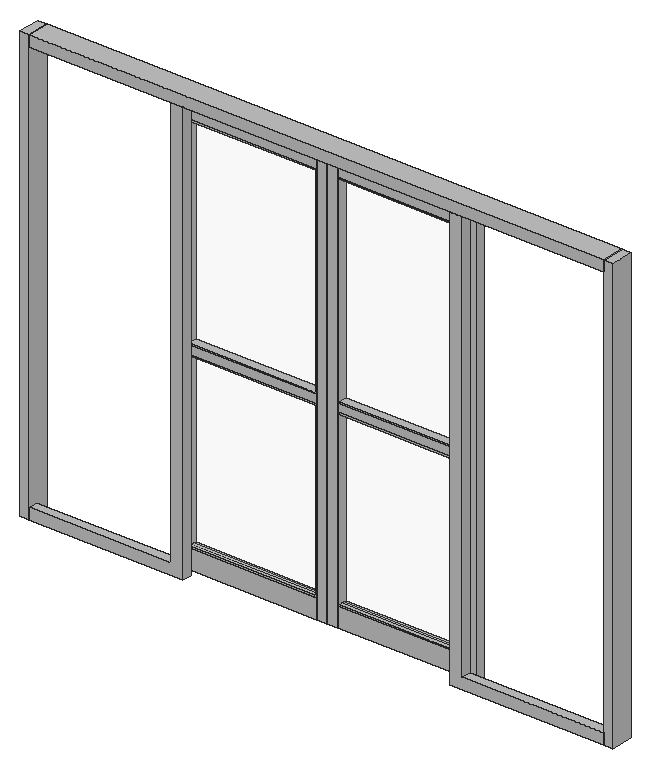
Revit family "Door_Sliding_BiPart_Tormax_TX9600-ICU-Surface", category Doors, host Wall, Revit 2026
Family settings
  Host = Wall
  Classification Number = 23.30.10.17.11
  Always vertical = Yes
  Cut with Voids When Loaded = No
  Shared = No
  Room Calculation Point = No
Parameters (values of type "10ft")
  Water Penetration = "as Specified"
  Warranty Duration (Years) = 0
  Visual Light Transmittance = VLT  # 0
  VLT = 0
  URL = "http://www.tormaxusa.com"
  U = 0.1000 BTU/(h·ft²·°F)
  Transom Height [instance] = 0' - 0"  # constant formula
  Thickness = Panel Thickness  # 0' - 1 3/4"
  Thermal Resistance (R) = R  # 0.0000 (h·ft²·°F)/BTU
  Test Data = ""
  Structural Test Pressure = "as Specified"
  Standards Conformance = "as Specified"
  Specification = "http://www.arcat.com/sdspecs/htm/08463tor.htm"
  SpecWizard = ""
  Solar Heat Gain Coefficient = SHGC  # 0
  Smoke Rated = no
  Sensor Color [instance] = Metal - Tormax - Black
  Send Message = "http://www.arcat.com/users.pl?action=UserEmail&company=Tormax+Technologies,+Inc.&coid=43969&rep=108&fax=210-494-5930&mf="
  Sales Information = "http://www.tormaxusa.com/contact.php"
  SHGC = 0
  RO Spacing_Sides = 0' - 0"
  Rough Width [instance] = Width + (RO Spacing_Sides * 2)  # 10' - 0"
  Rough Height [instance] = Height + (RO Spacing_Top)  # 7' - 4 1/4"
  R = 0.0000 (h·ft²·°F)/BTU
  Product Page URL = ""
  Panel A Width = 2' - 6 3/8"
  Overall Height [instance] = if(Include Transom, Height + Transom Height, Height)  # 7' - 4"
  Operating Temperature Range = "as Specified"
  RO Spacing_Top = 0' - 0 1/4"
  Product Properties = ""
  Product Data = "http://www.arcat.com/arcatcos/cos43/arc43969.html"
  Panel Thickness = 0' - 1 3/4"  # constant formula
  Offset from Exterior Wall [instance] = if(Backset from Offset Plane > Offset Plane from Exterior Wall Face, 0' 0", abs(Offset Plane from Exterior Wall Face - Backset from Offset Plane))  # 0' - 0"
  Model = "TX9600 BiPart Surface"
  Miami Dade Conformance = "as Specified"
  Maximum Size = "Width and Height as Specified"
  Manufacturer Website = "http://www.tormaxusa.com"
  Manufacturer Phone - Toll Free = "888-685-3707"
  Manufacturer Phone = "210-494-3551"
  Manufacturer Fax = "210-494-5930"
  Manufacturer Address = "12859 Wetmore Rd. San Antonio, TX 78247"
  Manufacturer = "TORMAX USA Inc."  # constant formula
  Maintenance Schedule (Months) = 0
  Keynote = "08463"
  Installation-Fabrication = ""
  Installation Phase = ""
  Inset from Exterior Wall [instance] = if(Backset from Offset Plane > Offset Plane from Exterior Wall Face, abs(Offset Plane from Exterior Wall Face - Backset from Offset Plane), 0' 0")  # 0' - 0"
  Include Transom = 1 = 0  # no
  Height [instance] = 7' - 4"
  Heat Transfer Coefficient (U) = U  # 0.1000 BTU/(h·ft²·°F)
  Green Building-LEED = "http://www.arcat.com/green/clients/leed_data_43969.html"
  Glazing Tint [instance] = Glass - Tormax - Glazing as Specified
  Glazing Thickness_Sliding Panel [instance] = 0' - 0 1/2"
  Glazing Stop Width = 0' - 0 1/4"
  Function = Exterior
  Frame Thickness = 0' - 4 1/2"
  Frame Finish [instance] = Metal - Tormax - Aluminum Finished as Specified
  Fire Rating = "as Specified"
  Expected Lifespan (Years) = 0
  Drawn By = "Sumex Design, Inc. / Robert S. Weygant, CSI, CDT, SCIP"
  Door Stile_Operable Leaf_Wide [instance] = not(Door Stile_Operable Leaf_Narrow)  # no
  Door Stile_Operable Leaf_Narrow [instance] = yes
  Door Stile Width_Operable Leaf [instance] = if(Door Stile_Operable Leaf_Narrow, 0' 2 1/8", 0' 5 1/2")  # 0' - 2 1/8"
  Door Bottom Rail_Tall [instance] = not(Door Bottom Rail_Standard)  # no
  Door Bottom Rail_Standard [instance] = yes
  Door Bottom Rail Height [instance] = if(Door Bottom Rail_Standard, 0' 4", 0' 10")  # 0' - 4"
  Description = "Tormax Surface Mounted BiPart Manual Sliding ICU Door - TX9600 as Specified"
  Wall Closure = By host
  Width = 10' - 0"
  Define Thermal Properties by = Schematic Type
  Copyright = "©Arcat Inc."
  Construction Details = "http://www.arcat.com/details/tormax/tormax.html?coid=43969"
  Clear Door Opening Width = 4' - 6"
  Clear Door Opening Height [instance] = Height - 0' 3 3/4"  # 7' - 0 1/4"
  Center Rail Width = 0' - 1 3/4"
  CAD Details = ""
  Breakout_Partial = yes
  Breakout Width = 4' - 8"
  Available Options = "as Specified"
  Assembly Code = "B2030110"
  Backset from Offset Plane [instance] = 0' - 0"
  Offset Plane from Exterior Wall Face [instance] = 0' - 0"
  Analytic Construction = "<None>"
  Air Infiltration = "as Specified"
  2D Plan Swing Angle [instance] = 30.00°
Types (3): name | Rough Width | Panel A Width | Width | Clear Door Opening Width | Breakout Width
  10ft | 10' - 0" | 2' - 6 3/8" | 10' - 0" | 4' - 6" | 4' - 8"
  12ft | 11' - 0" | 3' - 0 3/8" | 11' - 0" | 5' - 6" | 5' - 8"
  14ft | 12' - 0" | 3' - 6 3/8" | 12' - 0" | 6' - 6" | 6' - 8"
Reference planes (in)
  plane 1 "Center (Front/Back)": y = 1.6426
  plane 2: z = 0
  plane 3 "Center (Left/Right)": x = 23.5
  plane 4 "Left": x = -3.5
  plane 5 "Right": x = 50.5
  plane 6 "Bottom": z = 0
  plane 7 "Top": z = 84.5
  plane 8: x = -3.5
  plane 9: x = 50.5
  plane 10: z = 84.25
  plane 11: y = -1.3574
  plane 12: y = 4.6426
Lines and regions (in)
  Opening 1
    outline origin (-60, -1.3574, 0) x (1, 0, 0) y (0, 0, 1)
      loop
        line (56.5, 84.5) -> (56.5, 0) -> (110.5, 0) -> (110.5, 84.5) -> (56.5, 84.5)
Text (in)
  text "EXTERIOR" at (-58.6888, 13.80127, 0), in view "Plan View"
  text "INTERIOR" at (-58.6888, -8.43329, 0), in view "Plan View"
  text "Exterior" at (0, 43.65631, 123.19604), in view "Left"
  text "Exterior" at (0, 18.29385, 125.04747), in view "Right"
Dimensions and locks (in)
  equal spacing: plane 4 "Left", plane 3 "Center (Left/Right)", plane 5 "Right"
  "RO Spacing_Sides": plane 4 "Left" to plane 8
  "RO Spacing_Sides": plane 9 to plane 5 "Right"
  "RO Spacing_Top": plane 10 to plane 7 "Top"
  "Clear Door Opening Width": plane 8 to plane 9
  "Clear Door Opening Height": plane 10 to level
  aligned and locked: plane 7 "Top" to Opening 1 sketch curve
  aligned and locked: plane 5 "Right" to Opening 1 sketch curve
  aligned and locked: plane 4 "Left" to Opening 1 sketch curve
  aligned and locked: level to plane 2
  aligned and locked: Opening 1 sketch curve to plane 2
  aligned and locked: plane 6 "Bottom" to plane 2
  aligned and locked: plane 1 "Center (Front/Back)" to host wall
  aligned and locked: plane 11 to host wall
  aligned and locked: host wall to plane 12
  aligned and locked: nested 1 to plane 12
  aligned and locked: nested 1 to plane 3 "Center (Left/Right)"
Nested families (in)
  nested 1: "9600SS" at (23.5, 6.8926, 66) x (1, 0, 0) z (0, 1, 0), Unit Width <- "Width", Unit Height <- "Height", include transom <- "Include Transom", breakout angle <- "2D Plan Swing Angle", panel thickness <- "Panel Thickness", transom glazing <- "Glazing Tint", sliding panel glazing <- "Glazing Tint", frame finish <- "Frame Finish", transom height <- "Transom Height", sliding glazing thickness <- "Glazing Thickness_Sliding Panel", glazing stop width <- "Glazing Stop Width", bottom rail height <- "Door Bottom Rail Height", doodad finish <- "Sensor Color", stile width_operable <- "Door Stile Width_Operable Leaf", fixed panel glazing <- "Glazing Tint", center rail width <- "Center Rail Width", primary panel width <- "Panel A Width", partial breakout <- "Breakout_Partial", Smoke Rated <- "Smoke Rated", openingwidth <- "Clear Door Opening Width", type "Recessed Threshold"
    with transomsweepcontrol 0' - 1 3/16", transomheightcontrol 0' - 2 3/16", transomheaderheightcontrol 0' - 2 3/16", transom height 0' - 0", transom glazing Glass - Tormax - Glazing as Specified, transom glass thickness 0' - 0 1/2", trackless no, stile width_operable 0' - 2 1/8", stile width_fixed 0' - 2 1/8", sliding panel glazing Glass - Tormax - Glazing as Specified, sliding glazing thickness 0' - 0 1/2", primary panel width 2' - 6 3/8", partial breakout yes, panelheightb 7' - 1 7/16", panelheighta 6' - 11 7/8", panel width 4' - 11 7/16", panel thickness 0' - 1 3/4", openingwidth 4' - 6", offsetsliding 0' - 1 5/16", offsetfixed -0' - 1 3/8", locatepanelfromright 0' - 0", locatepanelfromleft 0' - 0", include transom no, glazing stop width 0' - 0 1/4", full breakout no, frame finish Metal - Tormax - Aluminum Finished as Specified, fixedtrack yes, fixed panel width 3' - 2 1/2", fixed panel glazing Glass - Tormax - Glazing as Specified, fixed glazing thickness 0' - 0 1/2", doodad finish Metal - Tormax - Black, center rail width 0' - 1 3/4", breakout angle 30.00°, bottom rail height 0' - 4", air space 0' - 0 3/8", Unit Width 10' - 0", Unit Height 7' - 4", Smoke Rated no, Header Height 0' - 2 3/16", Clear Opening Height 7' - 0 1/4"
Definition of nested family "9600SS"
  Parameters (values of type "Recessed Threshold")
    transomsweepcontrol [instance] = if(include transom, 0' 0", 0' 1 3/16")  # 0' - 1 3/16"
    transomheightcontrol [instance] = if(include transom, transom height, 0' 2 3/16")  # 0' - 2 3/16"
    transomheaderheightcontrol [instance] = if(include transom, 0' 1 13/16", 0' 2 3/16")  # 0' - 2 3/16"
    transom height [instance] = 3' - 4 3/16"
    transom glazing [instance] = none
    transom glass thickness [instance] = 0' - 0 1/8"
    trackless [instance] = yes
    surface threshold = no
    stile width_operable [instance] = 0' - 2 1/8"
    stile width_fixed [instance] = 0' - 2 1/8"
    panelheightb [instance] = Unit Height - Header Height - (air space)  # 6' - 9 7/16"
    panelheighta [instance] = Unit Height - Header Height - air space - 0' 1 9/16"  # 6' - 7 7/8"
    sliding panel glazing [instance] = none
    panel width [instance] = (Unit Width - (0' 1 3/4" * 2) + (stile width_fixed + glazing stop width)) / 2  # 4' - 11 7/16"
    panel thickness [instance] = 0' - 1 3/4"
    primary panel width [instance] = 3' - 0"
    openingwidth [instance] = 6' - 0"
    offsetsliding [instance] = if(full breakout, -0' 1 1/4", 0' 1 5/16")  # 0' - 1 5/16"
    offsetfixed [instance] = if(full breakout, 0' 1 3/8", -0' 1 3/8")  # -0' - 1 3/8"
    locatepanelfromright [instance] = 0' - 0"  # constant formula
    locatepanelfromleft [instance] = 0' - 0"  # constant formula
    include transom [instance] = no
    sliding glazing thickness [instance] = 0' - 0 1/2"
    glazing stop width [instance] = 0' - 0 1/4"
    full breakout [instance] = not(partial breakout)  # no
    frame finish [instance] = none
    fixedtrack [instance] = and(partial breakout, not(trackless))  # no
    fixed panel width [instance] = 3' - 2 1/2"
    fixed panel glazing [instance] = none
    fixed glazing thickness [instance] = 0' - 0 1/4"
    doodad finish [instance] = none
    center rail width [instance] = 0' - 1 3/4"
    breakout angle [instance] = 45.00°
    partial breakout [instance] = yes
    bottom rail height [instance] = 0' - 4"
    air space [instance] = if(surface threshold, 0' 0 13/16", 0' 0 3/8")  # 0' - 0 3/8"
    Warranty Duration (Years) = 0
    Unit Width [instance] = 10' - 0"
    Unit Height [instance] = 7' - 0"
    Unit Depth = 2' - 8"
    URL = ""
    Threshold_recessed = yes
    Specification = ""
    SpecWizard = ""
    Smoke Rated [instance] = no
    Send Message = ""
    Sales Information = ""
    Revision = "R1_01-2014"
    Product Properties = ""
    Product Data = ""
    Model = "As Specified"
    Manufacturer Website = ""
    Manufacturer Phone - Toll Free = ""
    Manufacturer Phone = ""
    Manufacturer Fax = ""
    Manufacturer Address = ""
    Manufacturer = ""
    Maintenance Schedule (Months) = 0
    Keynote = ""
    Installation-Fabrication = ""
    Installation Phase = ""
    Header Height [instance] = 0' - 2 3/16"  # constant formula
    Green Building-LEED = ""
    Expected Lifespan (Years) = 0
    Drawn By = "Sumex Design, Inc. / Robert S. Weygant, CSI, CDT, SCIP"
    Description = ""
    Default Elevation = 0' - 0"
    Copyright = "©Arcat Inc."
    Construction Details = ""
    Clear Opening Height [instance] = Unit Height - 0' 3 3/4"  # 6' - 8 1/4"
    Assembly Code = ""
    Analytic Construction = "<None>"
  Types (2): name | panel width | primary panel width | offsetsliding | offsetfixed | full breakout | partial breakout | Unit Width | Threshold_recessed
    No Threshold | 3' - 5 7/16" | 3' - 8 1/2" | -0' - 1 1/4" | 0' - 1 3/8" | yes | no | 7' - 0" | no
    Recessed Threshold | 4' - 11 7/16" | 3' - 0" | 0' - 1 5/16" | -0' - 1 3/8" | no | yes | 10' - 0" | yes
  Reference planes (in)
    plane 1 "Center (Front/Back)": y = -25.09375
    plane 2 "Bottom": z = 0
    plane 3 "Center (Left/Right)": x = 0
    plane 4 "FF": y = -66
    plane 5 "Top": y = 20.1875
    plane 6 "Left": x = -60
    plane 7 "Right": x = 60
    plane 8: y = 18
    plane 9: x = -58.25
    plane 10: x = 58.25
    plane 11: y = -65.625
    plane 12: y = 15.8125
    plane 13: y = -66
    plane 14: z = -1.75
    plane 15: z = 2.25
    plane 16: z = -2.25
    plane 17: y = 18
    plane 18: x = 36
    plane 19: x = -36
  Forms (in)
    Extrusion 1, solid, material <- "frame finish"
      sketch origin (0, -25.09375, 0) x (1, 0, 0) y (0, 0, 1)
        loop
          line (-60, -2.25) -> (-58.25, -2.25) -> (-58.25, 2.25) -> (-60, 2.25) -> (-60, -2.25)
        loop
          line (58.25, -2.25) -> (60, -2.25) -> (60, 2.25) -> (58.25, 2.25) -> (58.25, -2.25)
      from -43.09375 to 40.90625
    Extrusion 2, solid, material <- "frame finish"
      sketch origin (0, 0, 0) x (0, 1, 0) y (0, 0, 1)
        loop
          line (18, -2.25) -> (18, 2.25) -> (15.8125, 2.25) -> (15.8125, -2.25) -> (18, -2.25)
      from -58.25 to 58.25
    Extrusion 3, solid, material <- "frame finish"
      sketch origin (0, 0, 0) x (0, 1, 0) y (0, 0, 1)
        loop
          line (14.25, 0) -> (15.8125, 0) -> (15.8125, 0.3125) -> (14.25, 0.3125) -> (14.25, 0)
      from -58.25 to 58.25
    Extrusion 4, solid, material <- "frame finish"
      sketch origin (42, -180, -2.25) x (0, -1, 0) y (-1, 0, 0)
        loop
          line (-114, 6) -> (-195.8125, 6) -> (-195.8125, 3.5) -> (-116.25, 3.5) -> (-116.25, -16.25) -> (-114, -16.25) -> (-114, 6)
        loop
          line (-114, 78) -> (-114, 100.25) -> (-116.25, 100.25) -> (-116.25, 80.5) -> (-195.8125, 80.5) -> (-195.8125, 78) -> (-114, 78)
      from 0 to -1.85177
  Dimensions and locks (in)
    equal spacing: plane 6 "Left", plane 3 "Center (Left/Right)", plane 7 "Right"
    "Unit Width": plane 6 "Left" to plane 7 "Right"
    "transomheightcontrol": plane 5 "Top" to plane 8
    locked: plane 10 to plane 7 "Right" at 1.75
    locked: plane 6 "Left" to plane 9 at 1.75
    "air space": plane 11 to plane 4 "FF"
    Extrusion 1 sketch curve to level to Extrusion 1 sketch curve = 0' - 2 1/4" locked, 0' - 2 1/4" locked  (x2)
    locked: level to plane 14 at 1.75
    equal spacing: plane 15, level, plane 16
    locked: plane 15 to plane 16 at 4.5
    "Unit Height": plane 4 "FF" to plane 8
    "Header Height": plane 12 to plane 8
    equal spacing: plane 4 "FF", plane 1 "Center (Front/Back)", plane 12
    "transomheaderheightcontrol": plane 17 to plane 5 "Top"
    Extrusion 3 sketch curve to Extrusion 3 sketch curve to plane 8 = 0' - 1 9/16" locked, 0' - 2 3/16" locked
    Extrusion 3 sketch curve to level to Extrusion 3 sketch curve = 0' - 0 5/16" locked, 0' - 0" locked
    Extrusion 4 sketch curve to plane 13 to Extrusion 4 sketch curve = 0' - 2 1/4" locked, 0' - 0" locked  (x2)
    equal spacing: plane 19, plane 3 "Center (Left/Right)", plane 18
    "openingwidth": plane 19 to plane 18
    plane 18 to Extrusion 4 sketch curve to Extrusion 4 sketch curve = 0' - 0" locked, 0' - 2 1/2" locked
    Extrusion 4 sketch curve to Extrusion 4 sketch curve to plane 19 = 0' - 2 1/2" locked, 0' - 0" locked
    aligned and locked: Extrusion 1 to plane 4 "FF"
    aligned and locked: plane 8 to Extrusion 2 sketch curve
    aligned and locked: plane 9 to Extrusion 1 sketch curve
    aligned and locked: plane 10 to Extrusion 1 sketch curve
    aligned and locked: Extrusion 1 sketch curve to plane 7 "Right"
    aligned and locked: plane 6 "Left" to Extrusion 1 sketch curve
    aligned and locked: plane 10 to Extrusion 2
    aligned and locked: Extrusion 2 to plane 9
    aligned and locked: Extrusion 1 to plane 17
    aligned and locked: Extrusion 2 sketch curve to plane 15
    aligned and locked: plane 12 to Extrusion 2 sketch curve
    aligned and locked: nested 1 to plane 11
    aligned and locked: plane 10 to Extrusion 3
    aligned and locked: Extrusion 3 to plane 9
    aligned and locked: plane 12 to Extrusion 4 sketch curve
    aligned and locked: Extrusion 4 sketch curve to plane 10
    aligned and locked: nested 1 to plane 3 "Center (Left/Right)"
    aligned and locked: nested 2 to plane 3 "Center (Left/Right)"
    aligned and locked: plane 11 to nested 2
  Automatic sketch dimensions
    Extrusion 2 sketch curve to level = 0' - 2 1/4"
    plane 12 to Extrusion 4 sketch curve = 0' - 0"
    Extrusion 4 sketch curve to plane 9 = 0' - 0"
  Nested families (in)
    nested 1: "FramedPanel" at (18, -25.6875, 1.3125), stilewidth <- "stile width_operable", Width <- "primary panel width", breakout angle <- "breakout angle", frame finish <- "frame finish", fixed panel glazing <- "sliding panel glazing", glazing thickness <- "sliding glazing thickness", glassstopwidth <- "glazing stop width", bottomrailheight <- "bottom rail height", Height <- "panelheighta", doodad <- "doodad finish", centerrail <- "center rail width", built-in parameter 1001364 <- "offsetsliding", Latch <- "Smoke Rated", type "FramedPanel"
      with stilewidth 0' - 2 1/8", sliding yes, header height 0' - 2 1/8", glazing thickness 0' - 0 1/2", glassstopwidth 0' - 0 1/4", frame finish none, fixedtrack no, fixed panel glazing none, doodad none, directionalarrowinterior yes, directionalarrowexterior no, centerrail 0' - 1 3/4", breakoutswing yes, breakout angle 45.00°, bottomrailheightactual 0' - 4", bottomrailheight 0' - 4", airspaceunderdoor 0' - 0", built-in parameter 1001301 3' - 0", Latch no, built-in parameter 1001300 6' - 7 7/8"
    nested 2: "FramedPanel" at (-18, -25.6875, 1.3125) x (-1, 0, 0) z (0, 0, 1), stilewidth <- "stile width_operable", Width <- "primary panel width", breakout angle <- "breakout angle", frame finish <- "frame finish", fixed panel glazing <- "sliding panel glazing", glazing thickness <- "sliding glazing thickness", glassstopwidth <- "glazing stop width", bottomrailheight <- "bottom rail height", Height <- "panelheighta", doodad <- "doodad finish", centerrail <- "center rail width", built-in parameter 1001364 <- "offsetsliding", Latch <- "Smoke Rated", type "FramedPanel"
      with stilewidth 0' - 2 1/8", sliding yes, header height 0' - 2 1/8", glazing thickness 0' - 0 1/2", glassstopwidth 0' - 0 1/4", frame finish none, fixedtrack no, fixed panel glazing none, doodad none, directionalarrowinterior yes, directionalarrowexterior no, centerrail 0' - 1 3/4", breakoutswing yes, breakout angle 45.00°, bottomrailheightactual 0' - 4", bottomrailheight 0' - 4", airspaceunderdoor 0' - 0", built-in parameter 1001301 3' - 0", Latch no, built-in parameter 1001300 6' - 7 7/8"
  Definition of nested family "FramedPanel"
    Parameters (values of type "FramedPanel")
      stilewidth [instance] = 0' - 2 3/16"
      sliding [instance] = yes
      header height [instance] = 0' - 3 1/2"
      glazing thickness [instance] = 0' - 0 3/4"
      glassstopwidth [instance] = 0' - 0 1/4"
      frame finish [instance] = none
      fixedtrack [instance] = yes
      fixed panel glazing [instance] = none
      doodad [instance] = none
      directionalarrowinterior [instance] = yes
      directionalarrowexterior [instance] = yes
      centerrail [instance] = 0' - 1 3/4"
      breakoutswing [instance] = yes
      breakout angle [instance] = 45.00°
      bottomrailheightactual [instance] = bottomrailheight + airspaceunderdoor  # 0' - 6"
      bottomrailheight [instance] = 0' - 6"
      airspaceunderdoor [instance] = 0' - 0"
      Width [instance] = 2' - 8"
      Warranty Duration (Years) = 0
      URL = ""
      Specification = ""
      SpecWizard = ""
      Send Message = ""
      Sales Information = ""
      Revision = "R1_01-2014"
      Product Properties = ""
      Product Data = ""
      Model = "As Specified"
      Manufacturer Website = ""
      Manufacturer Phone - Toll Free = ""
      Manufacturer Phone = ""
      Manufacturer Fax = ""
      Manufacturer Address = ""
      Manufacturer = ""
      Maintenance Schedule (Months) = 0
      Latch [instance] = yes
      Keynote = ""
      Installation-Fabrication = ""
      Installation Phase = ""
      Height [instance] = 6' - 0"
      Green Building-LEED = ""
      Expected Lifespan (Years) = 0
      Drawn By = "Sumex Design, Inc. / Robert S. Weygant, CSI, CDT, SCIP"
      Description = ""
      Default Elevation = 0' - 0"
      Copyright = "©Arcat Inc."
      Construction Details = ""
      Assembly Code = ""
      Analytic Construction = "<None>"
    Reference planes (in)
      plane 1 "Center (Front/Back)": y = 0
      plane 2 "Bottom": z = 0
      plane 3 "Center (Left/Right)": x = 0
      plane 4 "Front": y = -36
      plane 5 "Back": y = 36
      plane 6 "Left": x = -16
      plane 7 "Right": x = 16
      plane 8 "Side1": z = 0.875
      plane 9: z = -0.875
      plane 10: z = 0.375
      plane 11: z = -0.375
      plane 12: y = -30
      plane 13: y = -29.75
      plane 14: x = -13.8125
      plane 15: y = 32.5
      plane 16: y = 4
      plane 17: y = 4.875
      plane 18: y = 3.125
      plane 19: y = 5.125
      plane 20: y = 2.875
      plane 21: x = -13.5625
      plane 22: x = 13.8125
      plane 23: y = 32.25
      plane 24: y = -36
      plane 25: y = 0
      plane 26: x = 13.5625
    Forms (in)
      Extrusion 1, solid, material <- "frame finish"
        sketch origin (-14.75, 57.80249, -0.875) x (1, 0, 0) y (0, 1, 0)
          loop
            line (30.75, -21.80249) -> (28.5625, -21.80249) -> (28.5625, -93.80249) -> (30.75, -93.80249) -> (30.75, -21.80249)
          loop
            line (-1.25, -21.80249) -> (-1.25, -93.80249) -> (0.9375, -93.80249) -> (0.9375, -21.80249) -> (-1.25, -21.80249)
        from 0 to 1.75
      Extrusion 2, solid, material <- "frame finish"
        sketch origin (-14.75, 57.80249, -0.875) x (1, 0, 0) y (0, 1, 0)
          loop
            line (0.9375, -21.80249) -> (0.9375, -25.30249) -> (28.5625, -25.30249) -> (28.5625, -21.80249) -> (0.9375, -21.80249)
        from 0 to 1.75
      Extrusion 3, solid, material <- "frame finish"
        sketch origin (-14.75, 57.80249, -0.875) x (1, 0, 0) y (0, 1, 0)
          loop
            line (0.9375, -52.92749) -> (0.9375, -54.67749) -> (28.5625, -54.67749) -> (28.5625, -52.92749) -> (0.9375, -52.92749)
        from 0 to 1.75
      Extrusion 4, solid, material <- "frame finish"
        sketch origin (-14.75, 57.80249, -0.875) x (1, 0, 0) y (0, 1, 0)
          loop
            line (28.5625, -87.80249) -> (0.9375, -87.80249) -> (0.9375, -93.80249) -> (28.5625, -93.80249) -> (28.5625, -87.80249)
        from 0 to 1.75
      Extrusion 5, solid, material <- "frame finish"
        sketch origin (-14.75, 57.80249, -0.875) x (1, 0, 0) y (0, 1, 0)
          loop
            line (0.9375, -25.30249) -> (0.9375, -52.92749) -> (28.5625, -52.92749) -> (28.5625, -25.30249) -> (28.3125, -25.30249) -> (28.3125, -52.67749) -> (1.1875, -52.67749) -> (1.1875, -25.30249) -> (0.9375, -25.30249)
        from 0 to 1.75
      Extrusion 6, solid, material <- "frame finish"
        sketch origin (-14.75, 57.80249, -0.875) x (1, 0, 0) y (0, 1, 0)
          loop
            line (0.9375, -54.67749) -> (0.9375, -87.80249) -> (28.5625, -87.80249) -> (28.5625, -54.67749) -> (0.9375, -54.67749)
          loop
            line (28.3125, -87.55249) -> (28.3125, -54.92749) -> (1.1875, -54.92749) -> (1.1875, -87.55249) -> (28.3125, -87.55249)
        from 0 to 1.75
      Extrusion 7, solid, material <- "fixed panel glazing"
        sketch origin (-14.75, 57.80249, -0.875) x (1, 0, 0) y (0, 1, 0)
          loop
            line (1.1875, -25.55249) -> (1.1875, -87.55249) -> (28.3125, -87.55249) -> (28.3125, -25.55249) -> (1.1875, -25.55249)
        from 0.5 to 1.25
      Extrusion 8, solid, material <- "frame finish", visible <- "sliding"
        sketch origin (0, 0, 0) x (0, 1, 0) y (0, 0, 1)
          loop
            line (36, 0.73267) -> (36, -0.76733) -> (38, -0.76733) -> (38, 0.73267) -> (36, 0.73267)
        from -16 to 16
      Extrusion 9, solid, material <- "frame finish"
        sketch origin (0, 0, 0) x (1, 0, 0) y (0, 1, 0)
          loop
            line (-13.5625, 32.5) -> (-13.5625, 32.25) -> (13.5625, 32.25) -> (13.5625, 32.5) -> (-13.5625, 32.5)
        from -0.875 to 0.875
      Extrusion 10, solid, material <- "frame finish", visible <- "fixedtrack"
        sketch origin (0, 0, 0) x (0, 1, 0) y (0, 0, 1)
          loop
            line (-36, 0.875) -> (-36.375, 0.875) -> (-36.375, -0.875) -> (-36, -0.875) -> (-36, 0.875)
        from -16 to 16
      Extrusion 11, solid, material <- "frame finish", visible <- "Latch"
        sketch origin (-0.08268, 5.92397, 0) x (1, 0, 0) y (0, 1, 0)
          loop
            line (14.38604, -0.36519) -> (14.38604, -3.36519) -> (15.4935, -3.36519) -> (15.4935, -0.36519) -> (14.38604, -0.36519)
        from -1.02466 to 1.01349
      Extrusion 12, solid, material <- "frame finish", visible <- "Latch"
        sketch origin (16, 16.34522, 48) x (0, 1, 0) y (0, 0, 1)
          loop
            line (-12.59522, -46.23651) -> (-12.59522, -49.76349) -> (-14.34522, -49.76349) -> (-14.34522, -50.01349) -> (-12.09522, -50.01349) -> (-12.09522, -45.98651) -> (-14.34522, -45.98651) -> (-14.34522, -46.23651) -> (-12.59522, -46.23651)
        from -1.41722 to -0.8521
    Lines and regions (in)
      Masking region 1, visible <- "directionalarrowexterior"
        outline origin (0, 0, 0) x (1, 0, 0) y (0, 0, 1)
          loop
            line (-2.23256, 3.10174) -> (2.23256, 3.10174) -> (2.23256, 2.125) -> (3.76744, 3.65988) -> (2.23256, 5.19477) -> (2.23256, 4.21802) -> (-2.23256, 4.21802) -> (-2.23256, 3.10174)
      Masking region 2, visible <- "directionalarrowinterior"
        outline origin (0, 0, -9.75) x (1, 0, 0) y (0, 0, 1)
          loop
            line (-2.23256, 5.53198) -> (2.23256, 5.53198) -> (2.23256, 4.55523) -> (3.76744, 6.09012) -> (2.23256, 7.625) -> (2.23256, 6.64826) -> (-2.23256, 6.64826) -> (-2.23256, 5.53198)
      Masking region 3, visible <- "sliding"
        outline origin (0, 0, 0) x (1, 0, 0) y (0, 1, 0)
          loop
            line (0, 11) -> (-3, 11) -> (-3, 9.5) -> (0, 9.5) -> (0, 8.75) -> (1.5, 10.25) -> (0, 11.75) -> (0, 11)
      symbolic lines, visible <- "breakoutswing"
        curve 1: line (-16, 36, 0) -> (16, 0, 0)
        curve 2: line (16, 0, 0) -> (-16, -36, 0)
        curve 6: line (-6.62742, -36, 23.50242) -> (-7.86485, -36, 22.26498)
        curve 7: line (-7.86485, -36, 22.26498) -> (14.76256, -36, -0.36244)
        curve 8: line (16, -36, 0.875) -> (14.76256, -36, -0.36244)
      model lines, visible <- "breakoutswing"
        curve 3: arc (-16, -36, 0.875) -> (-13.56415, -36, 13.12087) -> (-6.62742, -36, 23.50242) r 32
        curve 4: line (16, -36, 0.875) -> (-6.62742, -36, 23.50242)
      reference lines
        curve 5: line (16, -36, 0.875) -> (7.51472, -36, 9.36028)
    Dimensions and locks (in)
      equal spacing: plane 6 "Left", plane 3 "Center (Left/Right)", plane 7 "Right"
      "Width": plane 6 "Left" to plane 7 "Right"
      equal spacing: plane 5 "Back", plane 1 "Center (Front/Back)", plane 4 "Front"
      "Height": plane 5 "Back" to plane 4 "Front"
      locked: plane 8 "Side1" to level at 0.875
      locked: level to plane 9 at 0.875
      equal spacing: plane 10, level, plane 11
      "glazing thickness": plane 10 to plane 11
      "bottomrailheight": plane 12 to plane 24
      "glassstopwidth": plane 13 to plane 12
      "stilewidth": plane 6 "Left" to plane 14
      "header height": plane 5 "Back" to plane 15
      locked: plane 16 to plane 24 at 40
      equal spacing: plane 17, plane 16, plane 18
      "glassstopwidth": plane 19 to plane 17
      "glassstopwidth": plane 18 to plane 20
      "glassstopwidth": plane 14 to plane 21
      "stilewidth": plane 22 to plane 7 "Right"
      "glassstopwidth": plane 15 to plane 23
      "airspaceunderdoor": plane 24 to plane 4 "Front"
      equal spacing: plane 5 "Back", plane 25, plane 24
      "glassstopwidth": plane 26 to plane 22
      "Width": curve 6 to curve 8
      "bottomrailheightactual": plane 12 to Extrusion 4 sketch curve
      "bottomrailheightactual": plane 12 to Extrusion 1 sketch curve  (x2)
      "centerrail": plane 17 to plane 18
      Masking region 1 sketch curve to Masking region 1 sketch curve to Masking region 1 sketch curve to plane 3 "Center (Left/Right)" to Masking region 1 sketch curve = 0' - 1.53488" locked, 0' - 0" locked, 0' - 2.23256" locked, 0' - 2.23256" locked
      Masking region 2 sketch curve to Masking region 2 sketch curve to Masking region 2 sketch curve to plane 3 "Center (Left/Right)" to Masking region 2 sketch curve = 0' - 1.53488" locked, 0' - 0" locked, 0' - 2.23256" locked, 0' - 2.23256" locked
      locked: plane 8 "Side1" to Extrusion 8 sketch curve at 0.14233
      locked: Extrusion 8 sketch curve to plane 9 at 0.10767
      locked: plane 5 "Back" to Extrusion 8 sketch curve at 2
      Masking region 3 sketch curve to Masking region 3 sketch curve to Masking region 3 sketch curve to Masking region 3 sketch curve to Masking region 3 sketch curve to plane 16 = 0' - 0 3/4" locked, 0' - 0 3/4" locked, 0' - 0 3/4" locked, 0' - 0 3/4" locked, 0' - 4 3/4" locked
      locked: Extrusion 10 sketch curve to plane 24 at 0.375
      Extrusion 11 sketch curve to Extrusion 11 sketch curve = 0' - 3"
      Extrusion 11 sketch curve to Extrusion 11 sketch curve to plane 7 "Right" = 0' - 1.10746" locked, 0' - 0.58918" locked
      locked: Extrusion 11 sketch curve to plane 16 at 1.55877
      Extrusion 12 sketch curve to Extrusion 12 sketch curve to Extrusion 12 sketch curve to plane 16 to Extrusion 12 sketch curve = 0' - 0" locked, 0' - 1 3/4" locked, 0' - 0 1/4" locked, 0' - 0 1/4" locked
      "Width": radius of curve 3
      "breakout angle": angle curve 4 to plane 8 "Side1"
      "breakout angle": angle curve 5 to plane 8 "Side1"
      aligned: Extrusion 4 to plane 4 "Front"
      aligned and locked: plane 12 to Extrusion 4
      aligned and locked: Extrusion 6 to plane 12
      aligned and locked: plane 13 to Extrusion 6
      aligned and locked: Extrusion 7 to plane 13
      aligned and locked: plane 6 "Left" to Extrusion 1 sketch curve
      aligned and locked: Extrusion 1 sketch curve to plane 14
      aligned and locked: plane 7 "Right" to Extrusion 1 sketch curve
      aligned and locked: Extrusion 6 sketch curve to plane 21
      aligned and locked: Extrusion 6 sketch curve to plane 14
      aligned and locked: plane 22 to Extrusion 6 sketch curve
      aligned and locked: plane 18 to Extrusion 3 sketch curve
      aligned and locked: Extrusion 3 sketch curve to plane 17
      aligned and locked: plane 14 to Extrusion 3 sketch curve
      aligned and locked: plane 17 to Extrusion 5 sketch curve
      aligned and locked: Extrusion 5 sketch curve to plane 19
      aligned and locked: plane 14 to Extrusion 5 sketch curve
      aligned and locked: plane 21 to Extrusion 5 sketch curve
      aligned and locked: Extrusion 5 sketch curve to plane 15  (x2)
      aligned and locked: Extrusion 2 sketch curve to plane 15
      aligned and locked: Extrusion 2 sketch curve to plane 14
      aligned and locked: plane 5 "Back" to Extrusion 2 sketch curve
      aligned and locked: Extrusion 1 sketch curve to plane 5 "Back"  (x2)
      aligned: plane 7 "Right" to Extrusion 4
      aligned and locked: Extrusion 7 sketch curve to plane 21
      aligned and locked: Extrusion 7 sketch curve to plane 23
      aligned and locked: plane 13 to Extrusion 7 sketch curve
      aligned and locked: Extrusion 4 sketch curve to plane 14
      aligned and locked: plane 12 to Extrusion 4 sketch curve
      aligned and locked: plane 24 to curve 2
      aligned and locked: plane 6 "Left" to curve 2
      aligned and locked: plane 5 "Back" to curve 1
      aligned and locked: plane 6 "Left" to curve 1
      aligned and locked: plane 10 to Extrusion 7
      aligned and locked: Extrusion 7 to plane 11
      aligned and locked: plane 8 "Side1" to Extrusion 1
      aligned and locked: Extrusion 1 to plane 9
      aligned and locked: plane 8 "Side1" to Extrusion 4
      aligned and locked: Extrusion 4 to plane 9
      aligned and locked: plane 8 "Side1" to curve 4
      aligned and locked: plane 8 "Side1" to curve 3
      aligned and locked: plane 26 to Extrusion 5 sketch curve
      aligned and locked: plane 22 to Extrusion 5 sketch curve
      aligned and locked: Extrusion 7 sketch curve to plane 26
      aligned and locked: Extrusion 2 sketch curve to plane 22
      aligned and locked: plane 26 to Extrusion 6 sketch curve
      aligned and locked: plane 7 "Right" to curve 3
      aligned and locked: plane 7 "Right" to curve 4
      aligned and locked: plane 22 to Extrusion 3 sketch curve
      aligned and locked: plane 22 to Extrusion 1 sketch curve
      aligned and locked: Extrusion 4 sketch curve to plane 22
      aligned and locked: plane 25 to curve 1
      aligned and locked: plane 7 "Right" to curve 2
      aligned and locked: plane 7 "Right" to curve 5
      aligned and locked: plane 8 "Side1" to curve 5
      aligned and locked: plane 18 to Extrusion 6 sketch curve
      aligned and locked: Extrusion 6 sketch curve to plane 20
      aligned and locked: Extrusion 8 sketch curve to plane 5 "Back"
      aligned and locked: Extrusion 8 to plane 6 "Left"
      aligned and locked: plane 7 "Right" to Extrusion 8
      aligned and locked: Extrusion 9 sketch curve to plane 26
      aligned and locked: Extrusion 9 sketch curve to plane 15
      aligned and locked: plane 23 to Extrusion 9 sketch curve
      aligned and locked: Extrusion 9 sketch curve to plane 21
      aligned and locked: Extrusion 9 to plane 9
      aligned and locked: plane 8 "Side1" to Extrusion 9
      aligned and locked: plane 8 "Side1" to Extrusion 10 sketch curve
      aligned and locked: Extrusion 10 sketch curve to plane 9
      aligned and locked: plane 7 "Right" to Extrusion 10
      aligned and locked: Extrusion 10 to plane 6 "Left"
    Automatic sketch dimensions
      plane 8 "Side1" to Masking region 1 sketch curve = 0' - 1 1/4"
      plane 8 "Side1" to Masking region 1 sketch curve = 0' - 2.22674"
      Masking region 1 sketch curve to Masking region 1 sketch curve = 0' - 0.55814"
      Masking region 1 sketch curve to Masking region 1 sketch curve = 0' - 0.97674"
      Masking region 2 sketch curve to plane 9 = 0' - 4.31977"
      Masking region 2 sketch curve to plane 9 = 0' - 3.34302"
      Masking region 2 sketch curve to Masking region 2 sketch curve = 0' - 0.55814"
      Masking region 2 sketch curve to Masking region 2 sketch curve = 0' - 0.97674"
      Extrusion 6 sketch curve to plane 12 = 0' - 0"
      Extrusion 6 sketch curve to plane 13 = 0' - 0"
      Masking region 3 sketch curve to plane 3 "Center (Left/Right)" = 0' - 0"  (x2)
      Masking region 3 sketch curve to Masking region 3 sketch curve = 0' - 3"
      Extrusion 10 sketch curve to plane 4 "Front" = 0' - 0"
      Extrusion 12 sketch curve to plane 9 = 0' - 1.13849"
      Extrusion 12 sketch curve to Extrusion 12 sketch curve = 0' - 0 1/4"  (x2)
      plane 8 "Side1" to Extrusion 12 sketch curve = 0' - 0.88849"
      curve 8 to curve 5 = 0' - 0"  (x2)
      curve 7 to curve 5 = 0' - 1 3/4"
      curve 5 to curve 6 = 0' - 0"
